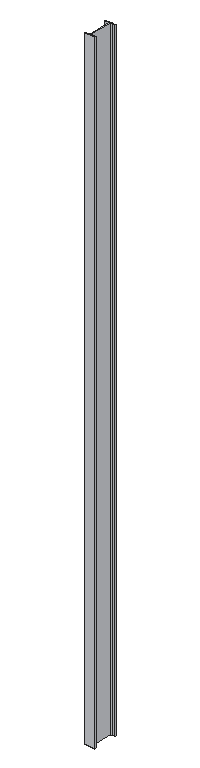
Revit family "Pilar de aço", category Fundações estruturais, Revit 2019
Family settings
  Material para o comportamento do modelo = Concreto
  Cap = Não
  Com base no plano de trabalho = Não
  Sempre na vertical = Sim
  Corte com vazios quando carregada = Não
  Compartilhado = Sim
Parameters (values of type "W 250x25.3")
  tw = 6.1 mm
  tf = 8.4 mm
  r = 10 mm
  bf = 102 mm
  Structural Material [instance] = Metal - Aço 345 MPa
  Emblocamento mínimo [instance] = 300 mm
  d = 257 mm
  Linear [instance] = 6000 mm
Reference planes
  plane 1 "Centro (Frente/Trás)": y = 0
  plane 2: z = 0
  plane 3 "Centro (Esquerda/Direita)": x = 0
  plane 4: z = 300
  plane 5: z = -6000
  plane 6: y = 128.5
  plane 7: y = -128.5
  plane 8: x = -51
  plane 9: x = 51
  plane 10: y = 120.1
  plane 11: y = -120.1
  plane 12: x = -3.05
  plane 13: x = 3.05
Forms (mm)
  Extrusion 1, solid, material "Metal - Aço 345 MPa" <- "Structural Material", detail levels coarse+medium
    sketch origin (0, 0, 0) x (1, 0, 0) y (0, 1, 0)
      loop
        line (-51, 128.5) -> (-51, 120.1) -> (-3.05, 120.1) -> (-3.05, -120.1) -> (-51, -120.1) -> (-51, -128.5) -> (51, -128.5) -> (51, -120.1) -> (3.05, -120.1) -> (3.05, 120.1) -> (51, 120.1) -> (51, 128.5) -> (-51, 128.5)
    from -6000 to 300
  Extrusion 2, solid, detail levels fine
    sketch origin (0, 0, 0) x (1, 0, 0) y (0, 1, 0)
      loop
        line (51, 128.5) -> (-51, 128.5) -> (-51, 120.1) -> (-13.05, 120.1)
        arc (-13.05, 120.1) -> (-5.979, 117.171) -> (-3.05, 110.1) r 10
        line (-3.05, 110.1) -> (-3.05, -110.1)
        arc (-3.05, -110.1) -> (-5.979, -117.171) -> (-13.05, -120.1) r 10
        line (-13.05, -120.1) -> (-51, -120.1) -> (-51, -128.5) -> (51, -128.5) -> (51, -120.1) -> (13.05, -120.1)
        arc (13.05, -120.1) -> (5.979, -117.171) -> (3.05, -110.1) r 10
        line (3.05, -110.1) -> (3.05, 110.1)
        arc (3.05, 110.1) -> (5.979, 117.171) -> (13.05, 120.1) r 10
        line (13.05, 120.1) -> (51, 120.1) -> (51, 128.5)
    from -6000 to 300
Dimensions and locks
  "Emblocamento mínimo": plane 4 to plane 2
  "Linear": plane 2 to plane 5
  equal spacing: plane 6, plane 1 "Centro (Frente/Trás)", plane 7
  equal spacing: plane 8, plane 3 "Centro (Esquerda/Direita)", plane 9
  equal spacing: plane 12, plane 3 "Centro (Esquerda/Direita)", plane 13
  "d": plane 6 to plane 7
  "bf": plane 8 to plane 9
  "tf": plane 6 to plane 10
  "tf": plane 7 to plane 11
  "tw": plane 12 to plane 13
  "r": radius of Extrusion 2 sketch curve  (x4)
  aligned and locked: plane 2 to level
  aligned and locked: Extrusion 1 to plane 5
  aligned and locked: plane 4 to Extrusion 1
  aligned and locked: Extrusion 1 sketch curve to plane 6
  aligned and locked: plane 9 to Extrusion 1 sketch curve  (x2)
  aligned and locked: plane 10 to Extrusion 1 sketch curve  (x2)
  aligned and locked: plane 13 to Extrusion 1 sketch curve
  aligned and locked: plane 11 to Extrusion 1 sketch curve  (x2)
  aligned and locked: Extrusion 1 sketch curve to plane 7
  aligned and locked: plane 8 to Extrusion 1 sketch curve  (x2)
  aligned and locked: plane 12 to Extrusion 1 sketch curve
  aligned and locked: plane 6 to Extrusion 1
  aligned and locked: plane 7 to Extrusion 1
  aligned and locked: Extrusion 2 sketch curve to Extrusion 1  (x8)
  aligned and locked: Extrusion 1 to Extrusion 2 sketch curve  (x4)
  aligned and locked: plane 4 to Extrusion 2
  aligned and locked: Extrusion 2 to plane 5
  aligned and locked: plane 6 to Extrusion 2
  aligned and locked: plane 7 to Extrusion 2
  aligned and locked: Extrusion 1 to plane 13
  aligned and locked: Extrusion 1 to plane 12
Types in the file's own list only (80): name | tw | tf | r | bf | d
  W 150x13.0 | 4 mm | 5 mm | 10 mm | 100 mm | 148 mm
  W 150x18.0 | 6 mm | 7 mm | 10 mm | 102 mm | 153 mm
  W 150x22.5 | 6 mm | 7 mm | 10 mm | 152 mm | 152 mm
  W 150x24.0 | 7 mm | 10 mm | 12 mm | 102 mm | 160 mm
  W 150x29.8 | 7 mm | 9 mm | 10 mm | 153 mm | 157 mm
  W 150x37.1 | 8 mm | 12 mm | 10 mm | 154 mm | 162 mm
  W 200x15.0 | 4 mm | 5 mm | 10 mm | 100 mm | 200 mm
  W 200x19.3 | 6 mm | 7 mm | 10 mm | 102 mm | 203 mm
  W 200x22.5 | 6 mm | 8 mm | 10 mm | 102 mm | 206 mm
  W 200x26.6 | 6 mm | 8 mm | 10 mm | 133 mm | 207 mm
  W 200x31.3 | 6 mm | 10 mm | 10 mm | 134 mm | 210 mm
  W 200x35.9 | 6 mm | 10 mm | 10 mm | 165 mm | 201 mm
  W 200x41.7 | 7 mm | 12 mm | 12 mm | 166 mm | 205 mm
  W 200x46.1 | 7 mm | 11 mm | 10 mm | 203 mm | 203 mm
  W 200x52.0 | 8 mm | 13 mm | 12 mm | 204 mm | 206 mm
  W 200x59.0 | 9 mm | 14 mm | 12 mm | 205 mm | 210 mm
  W 200x71.0 | 10 mm | 17 mm | 10 mm | 206 mm | 216 mm
  W 200x86.0 | 13 mm | 21 mm | 12 mm | 209 mm | 222 mm
  W 250x17.9 | 5 mm | 5 mm | 10 mm | 101 mm | 251 mm
  W 250x22.3 | 6 mm | 7 mm | 10 mm | 102 mm | 254 mm
  W 250x28.4 | 6 mm | 10 mm | 10 mm | 102 mm | 260 mm
  W 250x32.7 | 6 mm | 9 mm | 10 mm | 146 mm | 258 mm
  W 250x38.5 | 7 mm | 11 mm | 10 mm | 147 mm | 262 mm
  W 250x44.8 | 8 mm | 13 mm | 10 mm | 148 mm | 266 mm
  W 250x73.0 | 9 mm | 14 mm | 12 mm | 254 mm | 253 mm
  W 250x80.0 | 9 mm | 16 mm | 12 mm | 255 mm | 256 mm
  W 250x89.0 | 11 mm | 17 mm | 12 mm | 265 mm | 260 mm
  W 250x101.0 | 12 mm | 20 mm | 12 mm | 257 mm | 264 mm
  W 250x115.0 | 14 mm | 22 mm | 12 mm | 259 mm | 269 mm
  W 310x21.0 | 5 mm | 6 mm | 10 mm | 101 mm | 303 mm
  W 310x23.8 | 6 mm | 7 mm | 10 mm | 101 mm | 305 mm
  W 310x28.3 | 6 mm | 9 mm | 10 mm | 102 mm | 309 mm
  W 310x32.7 | 7 mm | 11 mm | 10 mm | 102 mm | 313 mm
  W 310x38.7 | 6 mm | 10 mm | 10 mm | 165 mm | 310 mm
  W 310x44.5 | 7 mm | 11 mm | 10 mm | 166 mm | 313 mm
  W 310x52.0 | 8 mm | 13 mm | 10 mm | 167 mm | 317 mm
  W 310x97.0 | 10 mm | 15 mm | 16 mm | 305 mm | 308 mm
  W 310x107.0 | 11 mm | 17 mm | 16 mm | 306 mm | 311 mm
  W 310x117.0 | 12 mm | 19 mm | 16 mm | 307 mm | 314 mm
  W 360x32.9 | 6 mm | 9 mm | 12 mm | 127 mm | 349 mm
  W 360x39.0 | 7 mm | 11 mm | 12 mm | 128 mm | 353 mm
  W 360x44.0 | 7 mm | 10 mm | 12 mm | 171 mm | 352 mm
  W 360x51.0 | 7 mm | 12 mm | 12 mm | 171 mm | 355 mm
  W 360x57.8 | 8 mm | 13 mm | 12 mm | 172 mm | 358 mm
  W 360x64.0 | 8 mm | 14 mm | 16 mm | 203 mm | 347 mm
  W 360x72.0 | 9 mm | 15 mm | 16 mm | 204 mm | 350 mm
  W 360x79.0 | 9 mm | 17 mm | 16 mm | 205 mm | 354 mm
  W 360x91.0 | 10 mm | 16 mm | 16 mm | 254 mm | 353 mm
  W 360x101.0 | 11 mm | 18 mm | 17 mm | 255 mm | 357 mm
  W 360x110.0 | 11 mm | 20 mm | 16 mm | 256 mm | 360 mm
  W 360x122.0 | 13 mm | 22 mm | 16 mm | 257 mm | 363 mm
  W 410x38.8 | 6 mm | 9 mm | 12 mm | 140 mm | 399 mm
  W 410x46.1 | 7 mm | 11 mm | 12 mm | 140 mm | 403 mm
  W 410x53.0 | 8 mm | 11 mm | 12 mm | 177 mm | 403 mm
  W 410x60.0 | 8 mm | 13 mm | 12 mm | 178 mm | 407 mm
  W 410x67.0 | 9 mm | 14 mm | 12 mm | 179 mm | 410 mm
  W 410x75.0 | 10 mm | 16 mm | 12 mm | 180 mm | 413 mm
  W 410x85.0 | 11 mm | 18 mm | 12 mm | 181 mm | 417 mm
  W 460x52.0 | 8 mm | 11 mm | 12 mm | 152 mm | 450 mm
  W 460x60.0 | 8 mm | 13 mm | 12 mm | 153 mm | 455 mm
  W 460x68.0 | 9 mm | 15 mm | 12 mm | 154 mm | 459 mm
  W 460x74.0 | 9 mm | 15 mm | 12 mm | 190 mm | 457 mm
  W 460x82.0 | 10 mm | 16 mm | 12 mm | 191 mm | 460 mm
  W 460x89.0 | 11 mm | 18 mm | 12 mm | 192 mm | 463 mm
  W 460x97.0 | 11 mm | 19 mm | 12 mm | 193 mm | 466 mm
  W 460x106.0 | 13 mm | 21 mm | 12 mm | 194 mm | 469 mm
  W 530x66.0 | 9 mm | 11 mm | 12 mm | 165 mm | 525 mm
  W 530x72.0 | 9 mm | 11 mm | 12 mm | 207 mm | 524 mm
  W 530x74.0 | 10 mm | 14 mm | 12 mm | 166 mm | 529 mm
  W 530x82.0 | 10 mm | 13 mm | 12 mm | 209 mm | 528 mm
  W 530x85.0 | 10 mm | 17 mm | 12 mm | 166 mm | 535 mm
  W 530x92.0 | 10 mm | 16 mm | 12 mm | 209 mm | 533 mm
  W 530x101.0 | 11 mm | 17 mm | 16 mm | 210 mm | 537 mm
  W 530x109.0 | 12 mm | 19 mm | 16 mm | 211 mm | 539 mm
  W 610x101.0 | 11 mm | 15 mm | 16 mm | 228 mm | 603 mm
  W 610x113.0 | 11 mm | 17 mm | 16 mm | 228 mm | 608 mm
  W 610x125.0 | 12 mm | 20 mm | 16 mm | 229 mm | 612 mm
  W 610x140.0 | 13 mm | 22 mm | 16 mm | 230 mm | 617 mm
  W 610x155.0 | 13 mm | 19 mm | 16 mm | 324 mm | 611 mm
  W 610x174.0 | 14 mm | 22 mm | 16 mm | 325 mm | 616 mm
